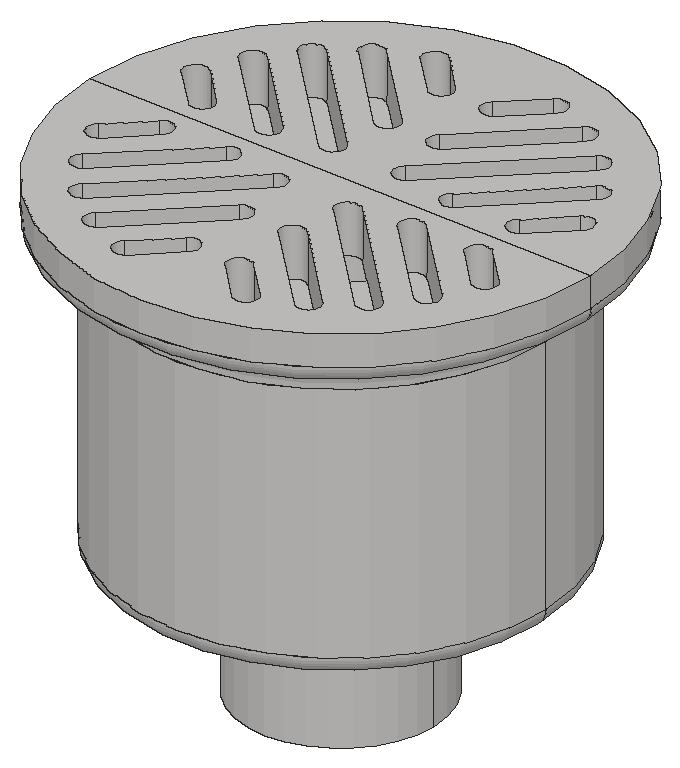
Revit family
Parameters (values of type "9610-2"")
  Width = 6"
  Waste Connection Radius = 1"
  Waste Connection Diameter = Waste Connection Radius * 2  # 2"
  Waste Connection = yes
  Vent Connection = no
  URL = "www.jrsmith.com"
  Price = "Prices may vary. Please consult Manufacturer Representative for most up-to-date price list."  # constant formula
  Phone Number = "416-250-5656"  # constant formula
  Omniclass Table 23 Title = "Waste Water Drains"  # constant formula
  Omniclass Table 23 Code = "23.70.50.21.24"  # constant formula
  Model = "9610-2\""
  Material = Metal-Jay R Smith-Stainless Steel
  Masterformat Title = "Sanitary Drains"  # constant formula
  Masterformat Number = "22 13 19.13"  # constant formula
  Manufacturer = "Jay R. Smith"
  Length = Width  # 6"
  Height = 5 1/2"
  HW Connection = no
  Description = "6\" Round top general purpose floor drain for medium duty use."
  Default Elevation = 0"
  Creation Date = "27/10/2014"  # constant formula
  Created By = "Allied Technical Services"  # constant formula
  CW Connection = no
  Assembly Code = "D2030300"
  ATS URL = "http://www.atsspec.net"
Types (4): name | Waste Connection Radius | Waste Connection Diameter | Model
  (no name) | 1" | 2" | "9610-2\""
  9610-2" | 1" | 2" | "9610-2\""
  9610-3" | 1 1/2" | 3" | "9610-3\""
  9610-4" | 2" | 4" | "9610-4\""
Reference planes (in)
  plane 1 "Center (Front/Back)": y = 0
  plane 2: z = 0
  plane 3 "Center (Left/Right)": x = 0
  plane 4: x = -3
  plane 5: x = 3
  plane 6: z = 5.5
  plane 7: z = 1.5
  plane 8: x = -1
  plane 9: x = 1
Forms (in)
  Revolve 1, solid, material "Metal-Jay R Smith-Stainless Steel" <- "Material"
    sketch origin (0, 0, 0) x (1, 0, 0) y (0, 0, 1)
      loop
        line (-3, 5.5) -> (-3, 5.14194)
        arc (-3, 5.14194) -> (-2.93828, 4.99293) -> (-2.78926, 4.9312) r 0.21074
        arc (-2.78926, 4.9312) -> (-2.55681, 4.83492) -> (-2.46053, 4.60248) r 0.32872
        line (-2.46053, 4.60248) -> (-2.46053, 1.71875)
        arc (-2.46053, 1.71875) -> (-2.39646, 1.56407) -> (-2.24178, 1.5) r 0.21875
        line (-2.24178, 1.5) -> (-1.125, 1.5) -> (-1.125, 0) -> (-1, 0) -> (-1, 4.9312) -> (0, 4.9312) -> (0, 5.5) -> (-3, 5.5)
      axis (0, 5.5) -> (0, 0)
    angle from 0 to 360
  Extrusion 2, void
    sketch origin (-8.11044, 0, 0) x (1, 0, 0) y (0, 1, 0)
      loop
        line (5.69896, 0.62162) -> (6.10751, 0.21306)
        arc (6.10751, 0.21306) -> (6.30639, 0.21306) -> (6.30639, 0.41194) r 0.14062
        line (6.30639, 0.41194) -> (5.89783, 0.82049)
        arc (5.89783, 0.82049) -> (5.69896, 0.82049) -> (5.69896, 0.62162) r 0.14062
      loop
        line (5.94756, 1.16851) -> (6.90301, 0.21306)
        arc (6.90301, 0.21306) -> (7.10188, 0.21306) -> (7.10188, 0.41194) r 0.14062
        line (7.10188, 0.41194) -> (6.14643, 1.36738)
        arc (6.14643, 1.36738) -> (5.94756, 1.36738) -> (5.94756, 1.16851) r 0.14062
      loop
        line (6.29848, 1.61309) -> (7.5735, 0.33806)
        arc (7.5735, 0.33806) -> (7.77238, 0.33806) -> (7.77238, 0.53694) r 0.14063
        line (7.77238, 0.53694) -> (6.49735, 1.81196)
        arc (6.49735, 1.81196) -> (6.29848, 1.81196) -> (6.29848, 1.61309) r 0.14062
      loop
        line (6.74306, 1.964) -> (7.6985, 1.00856)
        arc (7.6985, 1.00856) -> (7.89738, 1.00856) -> (7.89738, 1.20743) r 0.14062
        line (7.89738, 1.20743) -> (6.94193, 2.16288)
        arc (6.94193, 2.16288) -> (6.74306, 2.16288) -> (6.74306, 1.964) r 0.14062
      loop
        line (7.28995, 2.21261) -> (7.6985, 1.80405)
        arc (7.6985, 1.80405) -> (7.89738, 1.80405) -> (7.89738, 2.00293) r 0.14062
        line (7.89738, 2.00293) -> (7.48882, 2.41148)
        arc (7.48882, 2.41148) -> (7.28995, 2.41148) -> (7.28995, 2.21261) r 0.14062
      loop
        arc (10.52192, 0.62162) -> (10.52192, 0.82049) -> (10.32305, 0.82049) r 0.14062
        line (10.32305, 0.82049) -> (9.91449, 0.41194)
        arc (9.91449, 0.41194) -> (9.91449, 0.21306) -> (10.11337, 0.21306) r 0.14062
        line (10.11337, 0.21306) -> (10.52192, 0.62162)
      loop
        arc (10.27332, 1.16851) -> (10.27332, 1.36738) -> (10.07444, 1.36738) r 0.14062
        line (10.07444, 1.36738) -> (9.119, 0.41194)
        arc (9.119, 0.41194) -> (9.119, 0.21306) -> (9.31787, 0.21306) r 0.14062
        line (9.31787, 0.21306) -> (10.27332, 1.16851)
      loop
        arc (9.9224, 1.61309) -> (9.9224, 1.81196) -> (9.72353, 1.81196) r 0.14062
        line (9.72353, 1.81196) -> (8.4485, 0.53694)
        arc (8.4485, 0.53694) -> (8.4485, 0.33806) -> (8.64738, 0.33806) r 0.14063
        line (8.64738, 0.33806) -> (9.9224, 1.61309)
      loop
        arc (9.47782, 1.964) -> (9.47782, 2.16288) -> (9.27895, 2.16288) r 0.14062
        line (9.27895, 2.16288) -> (8.3235, 1.20743)
        arc (8.3235, 1.20743) -> (8.3235, 1.00856) -> (8.52238, 1.00856) r 0.14062
        line (8.52238, 1.00856) -> (9.47782, 1.964)
      loop
        arc (8.93093, 2.21261) -> (8.93093, 2.41148) -> (8.73206, 2.41148) r 0.14062
        line (8.73206, 2.41148) -> (8.3235, 2.00293)
        arc (8.3235, 2.00293) -> (8.3235, 1.80405) -> (8.52238, 1.80405) r 0.14062
        line (8.52238, 1.80405) -> (8.93093, 2.21261)
      loop
        arc (5.69896, -0.62162) -> (5.69896, -0.82049) -> (5.89783, -0.82049) r 0.14062
        line (5.89783, -0.82049) -> (6.30639, -0.41194)
        arc (6.30639, -0.41194) -> (6.30639, -0.21306) -> (6.10751, -0.21306) r 0.14062
        line (6.10751, -0.21306) -> (5.69896, -0.62162)
      loop
        arc (5.94756, -1.16851) -> (5.94756, -1.36738) -> (6.14643, -1.36738) r 0.14062
        line (6.14643, -1.36738) -> (7.10188, -0.41194)
        arc (7.10188, -0.41194) -> (7.10188, -0.21306) -> (6.90301, -0.21306) r 0.14062
        line (6.90301, -0.21306) -> (5.94756, -1.16851)
      loop
        arc (6.29848, -1.61309) -> (6.29848, -1.81196) -> (6.49735, -1.81196) r 0.14062
        line (6.49735, -1.81196) -> (7.77238, -0.53694)
        arc (7.77238, -0.53694) -> (7.77238, -0.33806) -> (7.5735, -0.33806) r 0.14063
        line (7.5735, -0.33806) -> (6.29848, -1.61309)
      loop
        arc (6.74306, -1.964) -> (6.74306, -2.16288) -> (6.94193, -2.16288) r 0.14062
        line (6.94193, -2.16288) -> (7.89738, -1.20743)
        arc (7.89738, -1.20743) -> (7.89738, -1.00856) -> (7.6985, -1.00856) r 0.14062
        line (7.6985, -1.00856) -> (6.74306, -1.964)
      loop
        arc (7.28995, -2.21261) -> (7.28995, -2.41148) -> (7.48882, -2.41148) r 0.14062
        line (7.48882, -2.41148) -> (7.89738, -2.00293)
        arc (7.89738, -2.00293) -> (7.89738, -1.80405) -> (7.6985, -1.80405) r 0.14062
        line (7.6985, -1.80405) -> (7.28995, -2.21261)
      loop
        line (10.52192, -0.62162) -> (10.11337, -0.21306)
        arc (10.11337, -0.21306) -> (9.91449, -0.21306) -> (9.91449, -0.41194) r 0.14062
        line (9.91449, -0.41194) -> (10.32305, -0.82049)
        arc (10.32305, -0.82049) -> (10.52192, -0.82049) -> (10.52192, -0.62162) r 0.14062
      loop
        line (10.27332, -1.16851) -> (9.31787, -0.21306)
        arc (9.31787, -0.21306) -> (9.119, -0.21306) -> (9.119, -0.41194) r 0.14062
        line (9.119, -0.41194) -> (10.07444, -1.36738)
        arc (10.07444, -1.36738) -> (10.27332, -1.36738) -> (10.27332, -1.16851) r 0.14062
      loop
        line (9.9224, -1.61309) -> (8.64738, -0.33806)
        arc (8.64738, -0.33806) -> (8.4485, -0.33806) -> (8.4485, -0.53694) r 0.14063
        line (8.4485, -0.53694) -> (9.72353, -1.81196)
        arc (9.72353, -1.81196) -> (9.9224, -1.81196) -> (9.9224, -1.61309) r 0.14062
      loop
        line (9.47782, -1.964) -> (8.52238, -1.00856)
        arc (8.52238, -1.00856) -> (8.3235, -1.00856) -> (8.3235, -1.20743) r 0.14062
        line (8.3235, -1.20743) -> (9.27895, -2.16288)
        arc (9.27895, -2.16288) -> (9.47782, -2.16288) -> (9.47782, -1.964) r 0.14062
      loop
        line (8.93093, -2.21261) -> (8.52238, -1.80405)
        arc (8.52238, -1.80405) -> (8.3235, -1.80405) -> (8.3235, -2.00293) r 0.14062
        line (8.3235, -2.00293) -> (8.73206, -2.41148)
        arc (8.73206, -2.41148) -> (8.93093, -2.41148) -> (8.93093, -2.21261) r 0.14062
    from 4.9312 to 6.82562
Cuts and joins
  Extrusion 2 cuts Revolve 1
Dimensions and locks (in)
  "Height": plane 6 to plane 2
  "Waste Connection Diameter": plane 9 to plane 8
  "Width": plane 5 to plane 4
  plane 7 to level = 1 1/2"
  equal spacing: plane 9, plane 3 "Center (Left/Right)", plane 8
  equal spacing: plane 5, plane 3 "Center (Left/Right)", plane 4
  locked: plane 8 to Revolve 1 sketch curve at 0.125
  aligned and locked: plane 8 to Revolve 1 sketch curve
Automatic sketch dimensions
  Revolve 1 sketch curve to plane 4 = 0"
  Revolve 1 sketch curve to plane 7 = 0"
  Revolve 1 sketch curve to plane 3 "Center (Left/Right)" = 0"  (x2)
  Revolve 1 sketch curve to level = 0"
  Revolve 1 sketch curve to plane 6 = 0"
  Revolve 1 sketch curve to Revolve 1 sketch curve = 0.21074"
  plane 7 to Revolve 1 sketch curve = 7/32"
  plane 4 to Revolve 1 sketch curve = 0.53947"
  Revolve 1 sketch curve to level = 2 1/2"
  Revolve 1 sketch curve to Revolve 1 sketch curve = 0.64812"
  Revolve 1 sketch curve to plane 6 = 0.89752"
  Revolve 1 sketch curve to Revolve 1 sketch curve = 0"
  Revolve 1 sketch curve to plane 6 = 0.5688"
  plane 5 to Extrusion 2 sketch curve = 5.41148"
  Extrusion 2 sketch curve to Extrusion 2 sketch curve = 0"  (x6)
  Extrusion 2 sketch curve to Extrusion 2 sketch curve = 0.09944"  (x120)
  Extrusion 2 sketch curve to Extrusion 2 sketch curve = 0.04973"  (x8)
  Extrusion 2 sketch curve to Extrusion 2 sketch curve = 0.40856"  (x10)
  Extrusion 2 sketch curve to Extrusion 2 sketch curve = 0.15204"  (x8)
  Extrusion 2 sketch curve to Extrusion 2 sketch curve = 0.2457"  (x8)
  Extrusion 2 sketch curve to Extrusion 2 sketch curve = 0.59662"  (x6)
  Extrusion 2 sketch curve to Extrusion 2 sketch curve = 0.34802"  (x8)
  Extrusion 2 sketch curve to Extrusion 2 sketch curve = 0.47162"  (x8)
  Extrusion 2 sketch curve to Extrusion 2 sketch curve = 0.02556"  (x4)
  Extrusion 2 sketch curve to Extrusion 2 sketch curve = 0.42613"  (x8)
  plane 1 "Center (Front/Back)" to Extrusion 2 sketch curve = 2.41148"
  Extrusion 2 sketch curve to Extrusion 2 sketch curve = 0.07387"  (x4)
Connectors (in)
  piping at (0, 0, 0), driven by "Waste Connection Radius"
    settings: on cut or joined group of Revolve 1, Extrusion 2, index 1
